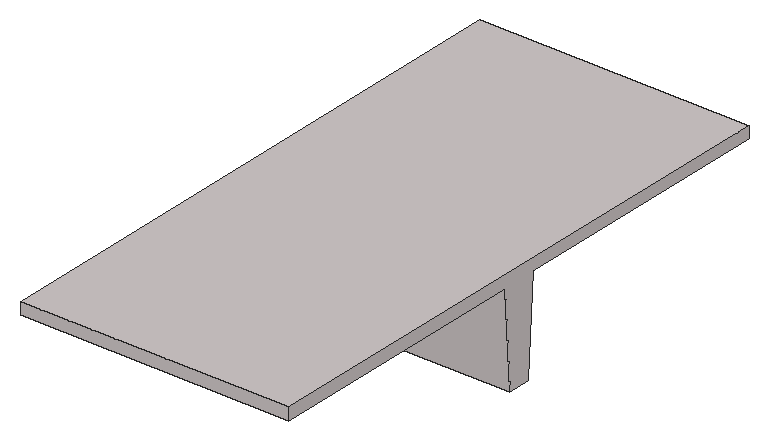
Revit family
Parameters (values of type "2400 x 450mm")
  시작 확장 계산 [instance] = 3012.5 mm + 시작 확장  # 3000 mm
  시작 확장 [instance] = -12.5 mm
  끝 확장 계산 [instance] = 3012.5 mm + 끝 확장  # 3000 mm
  끝 확장 [instance] = -12.5 mm
  보 재료 [instance] = 콘크리트 - 프리캐스트 콘크리트 - 35MPa
  Assembly Code = ""
  깊이 = 450 mm
  Length [instance] = 1524 mm
  슬래브 깊이 = 51 mm
  스템 폭 = 95 mm
  폭 = 2400 mm
  각도 [instance] = 0.00°
Reference planes
  plane 1 "중심(앞/뒤)": y = 0
  plane 2: z = 0
  plane 3 "중심(왼쪽/오른쪽)": x = 4.61
  plane 4 "왼쪽 부재": x = -557.39
  plane 5 "오른쪽 부재": x = 566.61
  plane 6: y = 1200
  plane 7: y = -1200
  plane 8: z = 225
  plane 9 "하단": z = -225
  plane 10 "왼쪽": x = -757.39
  plane 11 "오른쪽": x = 766.61
  plane 12: x = -557.39
  plane 13: x = 566.61
  plane 14: x = 2442.61
  plane 15: x = -2433.39
Forms (mm)
  Sweep 1, solid, material "콘크리트 - 프리캐스트 콘크리트 - 35MPa" <- "보 재료"
    path origin (0, 0, 0) x (1, 0, 0) y (0, 1, 0)
      loop
        line (566.61, 0) -> (-557.39, 0)
    profile "M_단일 T자형-프로파일 : M_단일 T자형-프로파일" origin (4.61, 0, 0) x (0, -1, 0) y (0, 0, 1)
      loop
        line (-1200, 174) -> (-72.9, 174) -> (-47.5, -225) -> (47.5, -225) -> (72.9, 174) -> (1200, 174) -> (1200, 225) -> (-1200, 225) -> (-1200, 174)
Lines and regions (mm)
  symbolic lines, style "숨겨진 면", detail levels medium+fine
    curve 1: line (-557.39, -47.5, -225) -> (566.61, -47.5, -225)
    curve 2: line (-557.39, 47.5, -225) -> (566.61, 47.5, -225)
Dimensions and locks
  "폭": plane 6 to plane 7
  equal spacing: plane 9 "하단", plane 2, plane 8
  equal spacing: plane 6, plane 1 "중심(앞/뒤)", plane 7
  "깊이": plane 9 "하단" to plane 8
  "Length": plane 10 "왼쪽" to plane 11 "오른쪽"
  "스템 폭": curve 1 to curve 2
  equal spacing: curve 1, plane 1 "중심(앞/뒤)", curve 2
  locked: plane 4 "왼쪽 부재" to plane 14 at 3000
  locked: plane 15 to plane 5 "오른쪽 부재" at 3000
  "끝 확장 계산": plane 15 to plane 13
  "시작 확장 계산": plane 12 to plane 14
  aligned and locked: plane 1 "중심(앞/뒤)" to Sweep 1 sketch curve
  aligned and locked: plane 12 to Sweep 1 sketch curve
  aligned and locked: plane 13 to Sweep 1 sketch curve
  aligned and locked: curve 2 to curve 1
  aligned and locked: plane 13 to curve 2
  aligned and locked: plane 12 to curve 2
  aligned and locked: plane 12 to curve 1
